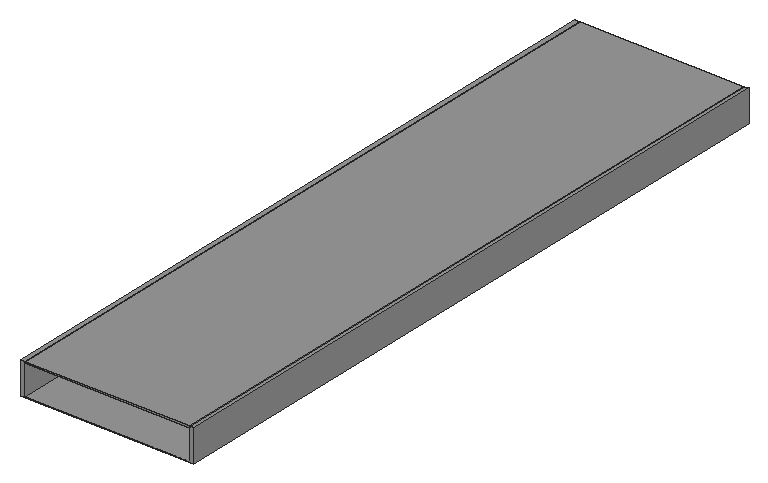
Revit family "OKA-W, Kanaleinheit, blind, Höhe 60-110mm", category Generic Models, Revit 2015
Parameters (values of type "OKA-W6006050")
  Width = 600 mm
  URL = "http://www.obo-bettermann.com"
  Material = Steel, Galvanized
  Manufacturer Art. No. = "7424428"
  Manufacturer = "OBO Bettermann"
  Length [instance] = 2400 mm
  HeightCalc [instance] = if(Height < 60 mm, 60 mm, (if(Height > 110 mm, 110 mm, Height)))  # 110 mm
  Height [instance] = 140 mm
  GTIN = "4012195244257"
  Article Type = "OKA-W6006050"
Types (6, lengths in mm): name | Width | Manufacturer Art. No. | Height | GTIN | Article Type
  (no name) | 600 | "7424428" | 140 | "4012195244257" | "OKA-W6006050"
  OKA-W2006050 | 200 | "7424420\r\n\r\n7424420\r\n7424420" | 140 | "4012195244196\r\n4012195244196" | "OKA-W2006050\r\n\r\nOKA-W2006050\r\nOKA-W2006050"
  OKA-W3006050 | 300 | "7424422\r\n\r\n7424422\r\n\r\n7424422\r\n\r\n7424422\r\n.\r\n7424422\r\n.\r\n7424422\r\n.\r\n7424422\r\n.\r\n7424422\r\n.\r\n7424422\r\n.\r\n7424422\r\n\r\n7424422\r\n7424422" | 140 | "4012195244202\r\n\r\n4012195244202\r\n\r\n4012195244202\r\n\r\n4012195244202\r\n\r\n4012195244202\r\n\r\n4012195244202\r\n\r\n4012195244202\r\n4012195244202" | "OKA-W3006050"
  OKA-W4006050 | 400 | "7424424\r\n\r\n7424424" | 110 | "4012195244233" | "OKA-W4006050"
  OKA-W5006050 | 500 | "7424426\r\n\r\n7424426\r\n\r\n7424426\r\n\r\n7424426\r\n7424426" | 140 | "4012195244240" | "OKA-W5006050"
  OKA-W6006050 | 600 | "7424428" | 140 | "4012195244257" | "OKA-W6006050"
Reference planes
  plane 1 "Center (Front/Back)": y = 0
  plane 2: z = 0
  plane 3 "Center (Left/Right)": x = 0
  plane 4: z = 110
  plane 5: y = -2400
  plane 6: x = 300
  plane 7: x = -300
Forms (mm)
  Extrusion 1, solid, material "Aluminum 6061"
    sketch origin (0, 0, 0) x (1, 0, 0) y (0, 0, 1)
      loop
        line (285, 110) -> (285, 1) -> (-285, 1) -> (-285, 110) -> (-300, 110) -> (-300, 0) -> (300, 0) -> (300, 110) -> (285, 110)
    from 0 to 2400
  Extrusion 2, solid, material "Steel, Galvanized" <- "Material"
    sketch origin (0, 0, 0) x (1, 0, 0) y (0, 0, 1)
      loop
        line (285, 106) -> (285, 110) -> (-285, 110) -> (-285, 106) -> (285, 106)
    from 0 to 2400
Lines and regions (mm)
  model lines
    curve 1: line (-300, 0, 110) -> (-285, 0, 110)
    curve 2: line (-285, 0, 110) -> (-285, 0, 0)
    curve 3: line (-285, 0, 0) -> (-535, 0, 0)
    curve 4: line (-535, 0, 0) -> (-535, 0, 1)
    curve 5: line (-535, 0, 1) -> (-300, 0, 1)
    curve 6: line (-300, 0, 1) -> (-300, 0, 110)
    curve 7: line (285, 0, 110) -> (285, 0, 0)
    curve 8: line (285, 0, 0) -> (535, 0, 0)
    curve 9: line (535, 0, 0) -> (535, 0, 1)
    curve 10: line (535, 0, 1) -> (300, 0, 1)
    curve 11: line (300, 0, 1) -> (300, 0, 110)
    curve 12: line (300, 0, 110) -> (285, 0, 110)
    curve 13: line (285, 0, 110) -> (285, 0, 0)
    curve 14: line (-285, 0, 0) -> (-285, 0, 110)
    curve 15: line (-285, 0, 110) -> (285, 0, 110)
    curve 16: line (-285, 0, 106) -> (285, 0, 106)
Dimensions and locks
  locked: curve 5 to curve 3 at 1
  locked: curve 2 to curve 6 at 15
  locked: curve 10 to curve 8 at 1
  locked: curve 2 to curve 4 at 250
  locked: curve 9 to curve 7 at 250
  locked: curve 11 to curve 7 at 15
  "Length": plane 1 "Center (Front/Back)" to plane 5
  equal spacing: plane 7, plane 3 "Center (Left/Right)", plane 6
  "Width": plane 7 to plane 6
  "HeightCalc": level to plane 4
  locked: curve 16 to curve 15 at 4
  aligned and locked: level to plane 2
  aligned and locked: level to curve 3
  aligned and locked: curve 6 to plane 7
  aligned and locked: curve 11 to plane 6
  aligned and locked: plane 4 to curve 1
  aligned and locked: curve 8 to level
  aligned and locked: Extrusion 1 sketch curve to curve 13
  aligned and locked: Extrusion 1 sketch curve to curve 12
  aligned and locked: Extrusion 1 sketch curve to curve 11
  aligned and locked: Extrusion 1 sketch curve to curve 6
  aligned and locked: curve 14 to Extrusion 1 sketch curve
  aligned and locked: Extrusion 1 sketch curve to curve 1
  aligned and locked: Extrusion 1 to plane 5
  aligned and locked: Extrusion 2 sketch curve to curve 16
  aligned and locked: Extrusion 2 sketch curve to curve 15
  aligned and locked: Extrusion 2 sketch curve to curve 2
  aligned and locked: Extrusion 2 sketch curve to curve 7
  aligned and locked: Extrusion 2 to plane 5
  aligned and locked: curve 5 to Extrusion 1 sketch curve
Automatic sketch dimensions
  Extrusion 1 sketch curve to level = 0 mm
